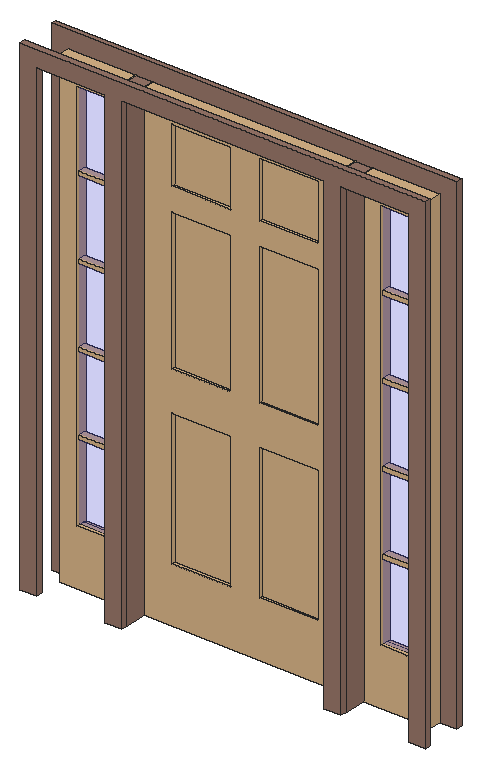
Revit family "0072_M_DR_W_single-raised panel with sidelights", category 문, Revit 2026
Family settings
  호스트 = 벽
  항상 수직 = 예
  로드될 때 보이드를 사용하여 절단 = 아니오
  공유 = 아니오
  룸 계산 점 = 아니오
Parameters (values of type "36" x 84"")
  두께 = 0' - 2"
  조합 코드 = "C1020"
  기능 = 내부
  Door Material = Door - Panel
  Frame Material = Door - Frame
  Height = 7' - 0"
  Rail Width - Base = 0' - 10"
  Rail Width - Center = 0' - 7"
  Rail Width - Top = 0' - 4"
  Sidelight Width = 1' - 0"
  Stile Width = 0' - 5"
  Trim Projection Ext = 0' - 1"
  Trim Projection Int = 0' - 1"
  Trim Width = 0' - 3"
  벽 마무리 = 호스트별
  Width = 3' - 0"
Types (7): name | Height | Width
  36" x 84" | 7' - 0" | 3' - 0"
  30" x 84" | 7' - 0" | 2' - 6"
  30" x 80" | 6' - 8" | 2' - 6"
  32" x 84" | 7' - 0" | 2' - 8"
  34" x 84" | 7' - 0" | 2' - 10"
  34" x 80" | 6' - 8" | 2' - 10"
  36" x 80" | 6' - 8" | 3' - 0"
Reference planes (in)
  plane 1: y = 0
  plane 2: z = 0
  plane 3: x = 0
  plane 4: x = -18
  plane 5: x = 18
  plane 6: z = 84
  plane 7: z = 80
  plane 8: z = 70
  plane 9: z = 66
  plane 10: z = 41
  plane 11: z = 34
  plane 12: z = 10
  plane 13: x = -13
  plane 14: x = 13
  plane 15: x = -2.5
  plane 16: x = 2.5
  plane 17: y = -3
  plane 18: x = -21
  plane 19: x = 21
  plane 20: x = -33
  plane 21: x = 33
  plane 22: y = 2
  plane 23: y = 1.625
  plane 24: y = 2.375
  plane 25: z = 66
  plane 26: z = 52
  plane 27: z = 38
  plane 28: z = 24
  plane 29: y = 2.625
  plane 30: y = 1.375
  plane 31: y = 3
Forms (in)
  Extrusion 1, solid, material "Door - Panel" <- "Door Material"
    sketch origin (-60, -3, 0) x (1, 0, 0) y (0, 0, 1)
      loop
        line (42, 84) -> (42, 0) -> (78, 0) -> (78, 84) -> (42, 84)
      loop
        line (47, 80) -> (47, 70) -> (57.5, 70) -> (57.5, 80) -> (47, 80)
      loop
        line (62.5, 80) -> (62.5, 70) -> (73, 70) -> (73, 80) -> (62.5, 80)
      loop
        line (47, 66) -> (47, 41) -> (57.5, 41) -> (57.5, 66) -> (47, 66)
      loop
        line (62.5, 66) -> (62.5, 41) -> (73, 41) -> (73, 66) -> (62.5, 66)
      loop
        line (47, 34) -> (47, 10) -> (57.5, 10) -> (57.5, 34) -> (47, 34)
      loop
        line (62.5, 34) -> (62.5, 10) -> (73, 10) -> (73, 34) -> (62.5, 34)
    from -6 to -4
  Extrusion 2, solid, material "Door - Panel" <- "Door Material"
    sketch origin (-60, 1, 0) x (1, 0, 0) y (0, 0, 1)
      loop
        line (47, 80) -> (47, 70) -> (57.5, 70) -> (57.5, 80) -> (47, 80)
      loop
        line (62.5, 80) -> (62.5, 70) -> (73, 70) -> (73, 80) -> (62.5, 80)
      loop
        line (47, 66) -> (47, 41) -> (57.5, 41) -> (57.5, 66) -> (47, 66)
      loop
        line (62.5, 66) -> (62.5, 41) -> (73, 41) -> (73, 66) -> (62.5, 66)
      loop
        line (47, 34) -> (47, 10) -> (57.5, 10) -> (57.5, 34) -> (47, 34)
      loop
        line (62.5, 34) -> (62.5, 10) -> (73, 10) -> (73, 34) -> (62.5, 34)
    from -1.5 to -0.5
  Extrusion 3, solid, material "Door - Frame" <- "Frame Material"
    sketch origin (-60, 3, 0) x (-1, 0, 0) y (0, 0, 1)
      loop
        line (-93, 0) -> (-93, 84) -> (-81, 84) -> (-81, 0) -> (-78, 0) -> (-78, 84) -> (-42, 84) -> (-42, 0) -> (-39, 0) -> (-39, 84) -> (-27, 84) -> (-27, 0) -> (-24, 0) -> (-24, 87) -> (-96, 87) -> (-96, 0) -> (-93, 0)
    from 0 to 1
  Extrusion 4, solid, material "Door - Frame" <- "Frame Material"
    sketch origin (0, -3, 0) x (0, 0, -1) y (-1, 0, 0)
      loop
        line (0, 33) -> (0, 36) -> (-87, 36) -> (-87, -36) -> (0, -36) -> (0, -33) -> (-84, -33) -> (-84, -21) -> (0, -21) -> (0, -18) -> (-84, -18) -> (-84, 18) -> (0, 18) -> (0, 21) -> (-84, 21) -> (-84, 33) -> (0, 33)
    from 0 to -1
  Extrusion 5, solid, material "Door - Panel" <- "Door Material"
    sketch origin (0, 0, 0) x (0, 0, -1) y (1, 0, 0)
      loop
        line (-84, -33) -> (0, -33) -> (0, -21) -> (-84, -21) -> (-84, -33)
      loop
        line (0, 33) -> (-84, 33) -> (-84, 21) -> (0, 21) -> (0, 33)
      loop
        line (-80, -30) -> (-10, -30) -> (-10, -24) -> (-80, -24) -> (-80, -30)
      loop
        line (-80, 24) -> (-10, 24) -> (-10, 30) -> (-80, 30) -> (-80, 24)
    from -3 to -1
  Extrusion 6, solid, material "Door - Frame" <- "Frame Material"
    sketch origin (0, 0, 0) x (0, 0, -1) y (1, 0, 0)
      loop
        line (-84, -21) -> (0, -21) -> (0, -18) -> (-84, -18) -> (-84, -21)
      loop
        line (-84, 18) -> (0, 18) -> (0, 21) -> (-84, 21) -> (-84, 18)
    from -3 to 3
  Extrusion 7, solid, material "Glass"
    sketch origin (0, 0.08725, 0) x (0, 0, -1) y (1, 0, 0)
      loop
        line (-80, -30) -> (-10, -30) -> (-10, -24) -> (-80, -24) -> (-80, -30)
    from -2.28775 to -1.53775
  Extrusion 8, solid, material "Glass"
    sketch origin (0, 0, 0) x (0, 0, -1) y (1, 0, 0)
      loop
        line (-80, 24) -> (-10, 24) -> (-10, 30) -> (-80, 30) -> (-80, 24)
    from -2.375 to -1.625
  Extrusion 9, solid, material "Door - Panel" <- "Door Material"
    sketch origin (0, 0, 0) x (0, 0, -1) y (1, 0, 0)
      loop
        line (-24.375, 24) -> (-23.625, 24) -> (-23.625, 30) -> (-24.375, 30) -> (-24.375, 24)
      loop
        line (-38.375, 24) -> (-37.625, 24) -> (-37.625, 30) -> (-38.375, 30) -> (-38.375, 24)
      loop
        line (-52.375, 24) -> (-51.625, 24) -> (-51.625, 30) -> (-52.375, 30) -> (-52.375, 24)
      loop
        line (-66.375, 24) -> (-65.625, 24) -> (-65.625, 30) -> (-66.375, 30) -> (-66.375, 24)
      loop
        line (-66.375, -30) -> (-65.625, -30) -> (-65.625, -24) -> (-66.375, -24) -> (-66.375, -30)
      loop
        line (-52.375, -30) -> (-51.625, -30) -> (-51.625, -24) -> (-52.375, -24) -> (-52.375, -30)
      loop
        line (-38.375, -30) -> (-37.625, -30) -> (-37.625, -24) -> (-38.375, -24) -> (-38.375, -30)
      loop
        line (-24.375, -30) -> (-23.625, -30) -> (-23.625, -24) -> (-24.375, -24) -> (-24.375, -30)
    from -2.625 to -1.375
Lines and regions (in)
  Opening 1
    outline origin (-60, -3, 144) x (0, 0, -1) y (1, 0, 0)
      loop
        line (60, 27) -> (144, 27) -> (144, 93) -> (60, 93) -> (60, 27)
  symbolic lines, style "DoorsPanelProjection"
    curve 1: line (18, 3, 0) -> (16, 3, 0)
    curve 2: line (18, 3, 0) -> (18, 39.00327, 0)
    curve 3: line (18, 39.00327, 0) -> (16, 39.00327, 0)
    curve 4: line (16, 3, 0) -> (16, 39.00327, 0)
    curve 30: line (-21, 3, 0) -> (-24, 3, 0)
    curve 31: line (-24, 3, 0) -> (-24, 1, 0)
    curve 32: line (-24, 1, 0) -> (-21, 1, 0)
    curve 33: line (-33, 3, 0) -> (-30, 3, 0)
    curve 34: line (-30, 3, 0) -> (-30, 1, 0)
    curve 35: line (-30, 1, 0) -> (-33, 1, 0)
  model lines, style "DoorsFrameMullionProjection"
    curve 5: line (-21, -3, 0) -> (-21, -3, 87)
    curve 6: line (-21, -3, 87) -> (21, -3, 87)
    curve 7: line (21, -3, 87) -> (21, -3, 0)
    curve 8: line (21, 3, 0) -> (21, 3, 87)
    curve 9: line (-21, 3, 87) -> (21, 3, 87)
    curve 10: line (-21, 3, 87) -> (-21, 3, 0)
  symbolic lines, style "Elevation Swing"
    curve 11: line (-18, -3, 84) -> (18, -3, 42)
    curve 12: line (18, 3, 42) -> (-18, 3, 0)
  symbolic lines, style "Plan Swing"
    curve 13: arc (16, 39.00327, 0) -> (-8.19497, 27.78021, 0) -> (-18.05877, 3, 0) r 36.05877
    curve 22: line (21, 3, 0) -> (24, 3, 0)
    curve 23: line (24, 3, 0) -> (24, 1, 0)
    curve 24: line (24, 1, 0) -> (21, 1, 0)
    curve 25: line (33, 3, 0) -> (30, 3, 0)
    curve 26: line (30, 3, 0) -> (30, 1, 0)
    curve 27: line (30, 1, 0) -> (33, 1, 0)
    curve 28: line (24, 2, 0) -> (30, 2, 0)
    curve 29: line (-30, 2, 0) -> (-24, 2, 0)
  symbolic lines, style "DoorsFrameMullionProjection"
    curve 14: line (-21, 3, 0) -> (-18, 3, 0)
    curve 15: line (-21, -3, 0) -> (-21, 3, 0)
    curve 16: line (-18, -3, 0) -> (-21, -3, 0)
    curve 17: line (-18, 3, 0) -> (-18, -3, 0)
    curve 18: line (21, 3, 0) -> (18, 3, 0)
    curve 19: line (21, -3, 0) -> (21, 3, 0)
    curve 20: line (18, -3, 0) -> (21, -3, 0)
    curve 21: line (18, 3, 0) -> (18, -3, 0)
Dimensions and locks (in)
  equal spacing: plane 4, plane 3, plane 5
  "Width": plane 4 to plane 5
  locked: host wall to curve 1
  control icon elem to plane 5 = 0' - 10"
  "Height": plane 6 to plane 2
  "Trim Width": plane 6 to curve 6
  equal spacing: plane 6, curve 11, level
  equal spacing: plane 6, curve 12, level
  locked: curve 9 to host wall
  "Rail Width - Base": plane 12 to host wall
  "Rail Width - Center": plane 10 to plane 11
  "Rail Width - Top": plane 8 to plane 9
  "Rail Width - Top": plane 6 to plane 7
  "Stile Width": plane 4 to plane 13
  "Stile Width": plane 14 to plane 5
  locked: plane 7 to plane 8 at 10
  "두께": Extrusion 1 to Extrusion 1
  "Trim Projection Ext": Extrusion 3 to Extrusion 3
  "Trim Projection Int": plane 17 to Extrusion 4
  equal spacing: plane 15, plane 3, plane 16
  "Stile Width": plane 15 to plane 16
  "두께": curve 4 to plane 5
  locked: Extrusion 1 to Extrusion 2 at 0.5
  locked: host wall to Extrusion 2 at 0.5
  plane 18 to plane 4 = 0' - 3"
  plane 5 to plane 19 = 0' - 3"
  "Sidelight Width": plane 19 to plane 21
  "Sidelight Width": plane 20 to plane 18
  locked: Extrusion 5 sketch curve to plane 20 at 3
  locked: Extrusion 5 sketch curve to plane 18 at 3
  locked: Extrusion 5 sketch curve to plane 19 at 3
  locked: Extrusion 5 sketch curve to plane 21 at 3
  equal spacing: plane 7, plane 25, plane 26, plane 27, plane 28, plane 12
  locked: plane 31 to host wall
  Extrusion 5 to plane 30 to plane 23 to plane 22 to plane 24 to plane 29 to plane 31 = 0' - 0 3/8" locked, 0' - 0 1/4" locked, 0' - 0 3/8" locked, 0' - 0 3/8" locked, 0' - 0 1/4" locked, 0' - 0 3/8" locked
  aligned and locked: plane 2 to curve 5
  aligned and locked: curve 7 to level
  aligned and locked: curve 8 to curve 7
  aligned and locked: plane 6 to curve 11
  aligned and locked: plane 4 to Extrusion 1 sketch curve
  aligned and locked: plane 6 to Extrusion 1 sketch curve
  aligned and locked: Extrusion 1 sketch curve to curve 1
  aligned and locked: plane 5 to Extrusion 1 sketch curve
  aligned and locked: plane 13 to Extrusion 1 sketch curve  (x3)
  aligned and locked: plane 7 to Extrusion 1 sketch curve  (x2)
  aligned and locked: plane 8 to Extrusion 1 sketch curve  (x2)
  aligned and locked: plane 15 to Extrusion 1 sketch curve  (x3)
  aligned and locked: plane 16 to Extrusion 1 sketch curve  (x3)
  aligned and locked: plane 14 to Extrusion 1 sketch curve  (x3)
  aligned and locked: plane 9 to Extrusion 1 sketch curve  (x2)
  aligned and locked: plane 10 to Extrusion 1 sketch curve  (x2)
  aligned and locked: plane 11 to Extrusion 1 sketch curve  (x2)
  aligned and locked: plane 12 to Extrusion 1 sketch curve  (x2)
  aligned and locked: Extrusion 2 sketch curve to Extrusion 1  (x24)
  aligned and locked: host wall to Extrusion 1
  aligned and locked: plane 17 to host wall
  aligned and locked: Extrusion 4 sketch curve to curve 6
  aligned and locked: Extrusion 3 sketch curve to curve 6
  aligned and locked: plane 20 to Opening 1 sketch curve
  aligned and locked: plane 21 to Opening 1 sketch curve
  aligned and locked: Extrusion 5 sketch curve to host wall  (x4)
  aligned and locked: Extrusion 3 to Extrusion 5 sketch curve
  aligned and locked: Extrusion 5 sketch curve to curve 5
  aligned and locked: plane 6 to Extrusion 5 sketch curve
  aligned and locked: Extrusion 5 sketch curve to curve 7
  aligned and locked: plane 21 to Extrusion 4 sketch curve
  aligned and locked: Extrusion 4 sketch curve to plane 20
  aligned and locked: Extrusion 6 sketch curve to curve 5
  aligned and locked: plane 4 to Extrusion 6 sketch curve
  aligned and locked: plane 6 to Extrusion 6 sketch curve  (x2)
  aligned and locked: Extrusion 6 sketch curve to plane 5
  aligned and locked: curve 7 to Extrusion 6 sketch curve
  aligned and locked: host wall to Extrusion 5
  aligned and locked: Extrusion 5 to Extrusion 1
  aligned and locked: host wall to Extrusion 6
  aligned and locked: Extrusion 6 to plane 17
  aligned and locked: Extrusion 5 sketch curve to plane 12  (x2)
  aligned and locked: plane 7 to Extrusion 5 sketch curve  (x2)
  aligned and locked: Extrusion 7 sketch curve to Extrusion 5  (x4)
  aligned and locked: Extrusion 8 sketch curve to Extrusion 5  (x4)
  aligned and locked: plane 24 to Extrusion 7
  aligned and locked: plane 24 to Extrusion 8
  aligned and locked: Extrusion 8 to plane 23
  aligned and locked: Extrusion 5 to Extrusion 9 sketch curve  (x12)
  aligned and locked: Extrusion 9 sketch curve to Extrusion 9 sketch curve  (x2)
  aligned and locked: Extrusion 3 sketch curve to plane 21
  aligned and locked: plane 20 to Extrusion 3 sketch curve
  aligned and locked: Extrusion 7 to plane 23
  aligned and locked: plane 30 to Extrusion 9
  aligned and locked: Extrusion 9 to plane 29
  aligned and locked: curve 14 to Extrusion 6  (x2)
  aligned and locked: host wall to curve 17
  aligned and locked: curve 17 to Extrusion 6
  aligned and locked: curve 18 to Extrusion 3
  aligned and locked: curve 21 to Extrusion 4
Automatic sketch dimensions
  curve 8 to level = 0' - 0"
  curve 10 to level = 0' - 0"
  curve 11 to plane 4 = 0' - 0"
  curve 12 to level = 0' - 0"
  curve 12 to plane 4 = 0' - 0"
  curve 10 to curve 5 = 0' - 0"  (x2)
  Opening 1 sketch curve to plane 6 = 0' - 0"
  Opening 1 sketch curve to level = 0' - 0"
  Extrusion 6 sketch curve to level = 0' - 0"  (x2)
  curve 6 to plane 19 = 0' - 0"
  curve 10 to plane 18 = 0' - 0"
  Extrusion 4 sketch curve to plane 4 = 0' - 0"
  Extrusion 4 sketch curve to plane 6 = 0' - 0"  (x3)
  Extrusion 4 sketch curve to level = 0' - 0"  (x4)
  Extrusion 4 sketch curve to plane 5 = 0' - 0"
  Extrusion 4 sketch curve to plane 18 = 0' - 0"
  Extrusion 4 sketch curve to plane 21 = 0' - 3"
  plane 20 to Extrusion 4 sketch curve = 0' - 3"
  Extrusion 4 sketch curve to plane 19 = 0' - 0"
  Extrusion 9 sketch curve to plane 25 = 0' - 0 3/8"  (x2)
  plane 25 to Extrusion 9 sketch curve = 0' - 0 3/8"  (x2)
  Extrusion 9 sketch curve to plane 26 = 0' - 0 3/8"  (x2)
  plane 26 to Extrusion 9 sketch curve = 0' - 0 3/8"  (x2)
  Extrusion 9 sketch curve to plane 27 = 0' - 0 3/8"  (x2)
  plane 27 to Extrusion 9 sketch curve = 0' - 0 3/8"  (x2)
  Extrusion 9 sketch curve to plane 28 = 0' - 0 3/8"  (x2)
  plane 28 to Extrusion 9 sketch curve = 0' - 0 3/8"  (x2)
  Extrusion 9 sketch curve to plane 20 = 0' - 3"
  plane 18 to Extrusion 9 sketch curve = 0' - 3"
  Extrusion 3 sketch curve to level = 0' - 0"  (x4)
  Extrusion 3 sketch curve to plane 19 = 0' - 0"
  Extrusion 3 sketch curve to plane 5 = 0' - 0"
  Extrusion 3 sketch curve to plane 4 = 0' - 0"
  Extrusion 3 sketch curve to plane 18 = 0' - 0"
  Extrusion 3 sketch curve to plane 6 = 0' - 0"  (x3)
  Extrusion 3 sketch curve to plane 21 = 0' - 3"
  plane 20 to Extrusion 3 sketch curve = 0' - 3"
  curve 35 to plane 20 = 0' - 0"
  curve 33 to host wall = 0' - 0"
  curve 33 to plane 20 = 0' - 0"
  curve 29 to plane 22 = 0' - 0"
  curve 1 to plane 5 = 0' - 0"
  curve 13 to plane 5 = 0' - 0"
  curve 28 to plane 22 = 0' - 0"
  curve 22 to host wall = 0' - 0"
  curve 26 to host wall = 0' - 0"
  curve 27 to plane 21 = 0' - 0"
  curve 25 to plane 21 = 0' - 0"
  curve 20 to host wall = 0' - 0"
  plane 30 to curve 35 = 0' - 0 3/8"
  curve 35 to curve 35 = 0' - 3"
  plane 30 to curve 32 = 0' - 0 3/8"
  plane 18 to curve 32 = 0' - 3"
  curve 13 to curve 14 = 0' - 0.05877"
  curve 28 to plane 19 = 0' - 3"
  plane 21 to curve 28 = 0' - 3"
  plane 30 to curve 23 = 0' - 0 3/8"
  plane 30 to curve 27 = 0' - 0 3/8"
  curve 13 to host wall = 0' - 0"
  curve 12 to plane 5 = 0' - 0"
  curve 11 to plane 5 = 0' - 0"
